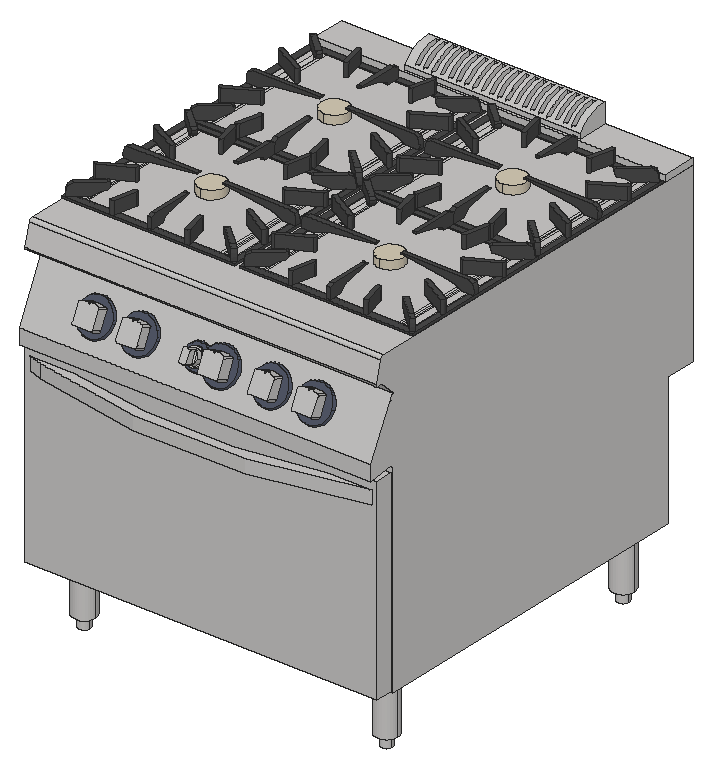
Revit family "QF_ZANUSSI_392005_Z9GCGH4SG0", category Specialty Equipment, Revit 2018
Family settings
  Round Connector Dimension = Use Diameter
  Part Type = Normal
  Work Plane-Based = No
  Always vertical = Yes
  Cut with Voids When Loaded = No
  Shared = No
  Room Calculation Point = No
Parameters
  Weight in Pounds = 155
  Weight = 0.00 kg
  Watts = 0 W
  Volts = 0 V
  URL Manufacturer = "http://www.zanussiprofessional.com"
  URL Cutsheet = "www.electrolux.com"
  URL = "http://www.zanussiprofessional.com"
  Type Mark [instance] = ""
  Steam Supply Size = 0"
  Steam Supply Minimum Pressure = 0.00 psi
  Steam Supply Maximum Pressure = 0.00 psi
  Steam Pounds per Hour = 0
  Status [instance] = ""
  Specification by User [instance] = ""
  Specification by Manufacturer = ""
  Show Logo [instance] = yes
  Show Clearance [instance] = yes
  Serial Number = ""
  Seismic Rating = ""
  SMACNA No = ""
  Revision Code [instance] = ""
  Refrigeration Suction Line Size = 0"
  Refrigeration Liquid Line Size = 0"
  Refrigerant Compressor Remote = yes
  Phase = 0
  Omniclass Number and Title = ""
  NAFEM Spec ID Number = ""
  Model = "Z9GCGH4SG0"
  Mechanical Remarks [instance] = ""
  Mechanical Connection Type [instance] = ""
  Masterspec = ""
  Manufacturer = "Zanussi"
  Length Actual = 800 mm  # constant formula
  Item Number [instance] = "392005"
  Installed By [instance] = ""
  Identify Quantity as Lot [instance] = yes
  Hot Water Size = 0"
  Height Actual = 850 mm  # constant formula
  HP = "0 HP"
  Gas Size = 1/2"
  Gas RI Height [instance] = 0 mm
  Gas KW [instance] = 36.5
  Gas Input [instance] = 1.13485 Btu/h
  Gas Connection Height = 0 mm
  Furnished By [instance] = ""
  Foodservice Equipment Identifier [instance] = yes
  Direct Waste Size = 0"
  Description = "4-BURNER GAS RANGE+OVEN 800 MM"
  Depth Actual = 900 mm  # constant formula
  Cycle = 0 Hz
  Condensate Return Size = 0"
  Compressed Air Volume = 0 GPM
  Compressed Air Size = 0"
  Compressed Air Pressure = 0.00 psi
  Cold Water Size = 0"
  CSI MasterFormat = ""
  CSI Master Format = ""
  Accessory = yes
Reference planes
  plane 1 "BACK": y = 0
  plane 2: z = 0
  plane 3 "LEFT": x = 0
  plane 4 "RIGHT": x = 800.1
  plane 5 "FRONT": y = -915
  plane 6 "TOP": z = 908
  plane 7 "Center Y": x = 400.05
  plane 8 "Center X": y = -457.5
  plane 9: z = 149.225
  plane 10: z = 1397
  plane 11: y = -80.962
  plane 12: z = 850
  plane 13: x = 56
  plane 14: y = -128
  plane 15: y = -801.687
  plane 16: y = -665.163
  plane 17: y = -1309
  plane 18: y = -576
  plane 19: x = 744.1
  plane 20: y = -900
  plane 21: x = 70.925
Forms (mm)
  Extrusion 1, solid, material "QF_Finishes_Stainless Steel"
    sketch origin (0, 0, 0) x (0, 1, 0) y (0, 0, 1)
      loop
        line (0, 849.225) -> (-879.358, 849.225)
        arc (-879.358, 849.225) -> (-884.643, 847.036) -> (-886.833, 841.751) r 7.474
        line (-886.833, 841.751) -> (-899.884, 796.236)
        arc (-899.884, 796.236) -> (-899.396, 793.604) -> (-897, 792.409) r 3
        line (-897, 792.409) -> (-886.802, 792.409) -> (-854.982, 760.589) -> (-915, 639.733) -> (-915, 604.733) -> (-858.645, 612.653)
        arc (-858.645, 612.653) -> (-856.101, 611.899) -> (-855, 609.484) r 3.2
        line (-855, 609.484) -> (-855, 149.225) -> (-71, 149.225) -> (-71, 449.225) -> (0, 449.225) -> (0, 849.225)
      loop
        line (-900, 599.225) -> (-900, 154.225) -> (-860, 154.225) -> (-860, 599.225) -> (-900, 599.225)
    from 0 to 800.1
  Revolve 2, solid, material "QF_Finishes_Stainless Steel"
    sketch origin (0, -801.687, 611.731) x (0, 0, -1) y (1, 0, 0)
      loop
        line (462.506, 56) -> (462.506, 30.6) -> (586.331, 30.6) -> (586.331, 43.3) -> (611.731, 43.3) -> (611.731, 56) -> (462.506, 56)
      axis (611.731, 56) -> (462.506, 56)
    angle from 0 to 360
  Revolve 3, solid, material "QF_Finishes_Stainless Steel"
    sketch origin (800.1, -801.687, 611.731) x (0, 0, -1) y (1, 0, 0)
      loop
        line (462.506, -55.562) -> (611.731, -55.562) -> (611.731, -42.862) -> (586.331, -42.862) -> (586.331, -30.162) -> (462.506, -30.162) -> (462.506, -55.562)
      axis (611.731, -55.562) -> (462.506, -55.562)
    angle from 0 to 360
  Revolve 4, solid, material "QF_Finishes_Stainless Steel"
    sketch origin (800.1, -128.588, 611.731) x (0, 0, -1) y (1, 0, 0)
      loop
        line (462.506, -55.562) -> (611.731, -55.562) -> (611.731, -42.862) -> (586.331, -42.862) -> (586.331, -30.162) -> (462.506, -30.162) -> (462.506, -55.562)
      axis (611.731, -55.562) -> (462.506, -55.562)
    angle from 0 to 360
  Revolve 5, solid, material "QF_Finishes_Stainless Steel"
    sketch origin (111.125, -128.588, 611.731) x (0, 0, -1) y (1, 0, 0)
      loop
        line (462.506, -55.125) -> (611.731, -55.125) -> (611.731, -42.425) -> (586.331, -42.425) -> (586.331, -29.725) -> (462.506, -29.725) -> (462.506, -55.125)
      axis (611.731, -55.125) -> (462.506, -55.125)
    angle from 0 to 360
  Extrusion 6, solid, material "QF_Finishes_Stainless Steel"
    sketch origin (0, 0, 0) x (0, 1, 0) y (0, 0, 1)
      loop
        line (0, 850) -> (0, 864.288) -> (-76.2, 864.288) -> (-76.2, 850) -> (0, 850)
    from 0 to 800.1
  Extrusion 7, void
    sketch origin (-65.011, 0, 865.138) x (-1, 0, 0) y (0, -1, 0)
      loop
        line (-295.005, 6.761) -> (-285.709, 6.761) -> (-285.709, 63.911) -> (-295.005, 63.911) -> (-295.005, 6.761)
      loop
        line (-313.697, 6.761) -> (-304.401, 6.761) -> (-304.401, 63.911) -> (-313.697, 63.911) -> (-313.697, 6.761)
      loop
        line (-332.39, 6.761) -> (-323.094, 6.761) -> (-323.094, 63.911) -> (-332.39, 63.911) -> (-332.39, 6.761)
      loop
        line (-351.082, 6.761) -> (-341.787, 6.761) -> (-341.787, 63.911) -> (-351.082, 63.911) -> (-351.082, 6.761)
      loop
        line (-369.775, 6.761) -> (-360.479, 6.761) -> (-360.479, 63.911) -> (-369.775, 63.911) -> (-369.775, 6.761)
      loop
        line (-388.468, 6.761) -> (-379.172, 6.761) -> (-379.172, 63.911) -> (-388.468, 63.911) -> (-388.468, 6.761)
      loop
        line (-407.16, 6.761) -> (-397.864, 6.761) -> (-397.864, 63.911) -> (-407.16, 63.911) -> (-407.16, 6.761)
      loop
        line (-425.853, 6.761) -> (-416.557, 6.761) -> (-416.557, 63.911) -> (-425.853, 63.911) -> (-425.853, 6.761)
      loop
        line (-444.545, 6.761) -> (-435.25, 6.761) -> (-435.25, 63.911) -> (-444.545, 63.911) -> (-444.545, 6.761)
      loop
        line (-463.238, 6.761) -> (-453.942, 6.761) -> (-453.942, 63.911) -> (-463.238, 63.911) -> (-463.238, 6.761)
      loop
        line (-481.931, 6.761) -> (-472.635, 6.761) -> (-472.635, 63.911) -> (-481.931, 63.911) -> (-481.931, 6.761)
      loop
        line (-500.623, 6.761) -> (-491.328, 6.761) -> (-491.328, 63.911) -> (-500.623, 63.911) -> (-500.623, 6.761)
      loop
        line (-519.316, 6.761) -> (-510.02, 6.761) -> (-510.02, 63.911) -> (-519.316, 63.911) -> (-519.316, 6.761)
      loop
        line (-538.008, 6.761) -> (-528.713, 6.761) -> (-528.713, 63.911) -> (-538.008, 63.911) -> (-538.008, 6.761)
      loop
        line (-556.701, 6.761) -> (-547.405, 6.761) -> (-547.405, 63.911) -> (-556.701, 63.911) -> (-556.701, 6.761)
      loop
        line (-575.394, 6.761) -> (-566.098, 6.761) -> (-566.098, 63.911) -> (-575.394, 63.911) -> (-575.394, 6.761)
      loop
        line (-594.086, 6.761) -> (-584.791, 6.761) -> (-584.791, 63.911) -> (-594.086, 63.911) -> (-594.086, 6.761)
      loop
        line (-612.779, 6.761) -> (-603.483, 6.761) -> (-603.483, 63.911) -> (-612.779, 63.911) -> (-612.779, 6.761)
      loop
        line (-631.472, 6.761) -> (-622.176, 6.761) -> (-622.176, 63.911) -> (-631.472, 63.911) -> (-631.472, 6.761)
      loop
        line (-650.164, 6.761) -> (-640.868, 6.761) -> (-640.868, 63.911) -> (-650.164, 63.911) -> (-650.164, 6.761)
    from 9.525 to 45.348
  Extrusion 8, solid, material "QF_Finishes_Stainless Steel"
    sketch origin (400.05, 175.397, 1219.2) x (0, 1, 0) y (0, 0, 1)
      loop
        line (-175.397, -354.912) -> (-175.397, -311.2)
        arc (-175.397, -311.2) -> (-214.469, -319.821) -> (-245.247, -345.387) r 84.854
        line (-245.247, -345.387) -> (-245.247, -354.912) -> (-175.397, -354.912)
    from -200.05 to 199.95
  Extrusion 9, solid, material "QF_Finishes_Stainless Steel"
    sketch origin (0, -853.025, 149.225) x (1, 0, 0) y (0, -1, 0)
      loop
        circle (749.3, -187.862) r 6.4
      loop
        circle (757.1, -277.025) r 6.4
    from 0 to 20.638
  Extrusion 10, solid, material "QF_Clearances", visible <- "Show Clearance", detail levels coarse
    sketch origin (0, 0, 0) x (1, 0, 0) y (0, 1, 0)
      loop
        line (-100.013, -915) -> (0, -915) -> (0, 0) -> (800.1, 0) -> (800.1, -915) -> (900.113, -915) -> (900.113, 100.013) -> (-100.013, 100.013) -> (-100.013, -915)
    from 0 to 908
  Blend 11, solid, material "QF_Finishes_Navy Blue"
    base sketch origin (150, -884.991, 700.161) x (1, 0, 0) y (0, 0.444781, 0.895639)
      loop
        circle (0, 0) r 42.5
    top sketch origin (150, -884.991, 700.161) x (1, 0, 0) y (0, 0.444781, 0.895639)
      loop
        circle (0, 0) r 40.5
    from 0 to 5
  Extrusion 12, solid, material "QF_Finishes_Stainless Steel"
    sketch origin (150, -884.991, 700.161) x (1, 0, 0) y (0, 0.444781, 0.895639)
      loop
        arc (-21.147, 22.789) -> (-22.494, 21.685) -> (-23, 20.019) r 2.997
        line (-23, 20.019) -> (-23, -20.019)
        arc (-23, -20.019) -> (-22.122, -22.138) -> (-20.003, -23.016) r 2.997
        line (-20.003, -23.016) -> (20.003, -23.016)
        arc (20.003, -23.016) -> (22.122, -22.138) -> (23, -20.019) r 2.997
        line (23, -20.019) -> (23, 20.019)
        arc (23, 20.019) -> (22.494, 21.685) -> (21.147, 22.789) r 2.997
        arc (21.147, 22.789) -> (0, 26.984) -> (-21.147, 22.789) r 55.4
    from 10 to 34
  Extrusion 13, solid, material "QF_Plastic-Black-Matte"
    sketch origin (207.5, -884.991, 700.799) x (0, 0.444781, 0.895639) y (0, -0.895639, 0.444781)
      loop
        line (26.535, 33.47) -> (26.535, 18.47) -> (27.535, 18.47) -> (27.535, 33.47)
        arc (27.535, 33.47) -> (27.242, 34.177) -> (26.535, 34.47) r 1
        line (26.535, 34.47) -> (23.535, 34.47) -> (23.535, 33.47) -> (26.535, 33.47)
    from -58.5 to -56.5
  Extrusion 14, solid, material "QF_Finishes_Stainless Steel"
    sketch origin (150, -884.991, 700.161) x (1, 0, 0) y (0, 0.444781, 0.895639)
      loop
        line (17.5, 17.5) -> (-17.5, 17.5) -> (-17.5, -17.5) -> (17.5, -17.5) -> (17.5, 17.5)
    from 5 to 10
  Blend 15, solid, material "QF_Finishes_Navy Blue"
    base sketch origin (250, -884.991, 700.161) x (1, 0, 0) y (0, 0.444781, 0.895639)
      loop
        circle (0, 0) r 42.5
    top sketch origin (250, -884.991, 700.161) x (1, 0, 0) y (0, 0.444781, 0.895639)
      loop
        circle (0, 0) r 40.5
    from 0 to 5
  Extrusion 16, solid, material "QF_Finishes_Stainless Steel"
    sketch origin (250, -884.991, 700.161) x (1, 0, 0) y (0, 0.444781, 0.895639)
      loop
        arc (-21.147, 22.789) -> (-22.494, 21.685) -> (-23, 20.019) r 2.997
        line (-23, 20.019) -> (-23, -20.019)
        arc (-23, -20.019) -> (-22.122, -22.138) -> (-20.003, -23.016) r 2.997
        line (-20.003, -23.016) -> (20.003, -23.016)
        arc (20.003, -23.016) -> (22.122, -22.138) -> (23, -20.019) r 2.997
        line (23, -20.019) -> (23, 20.019)
        arc (23, 20.019) -> (22.494, 21.685) -> (21.147, 22.789) r 2.997
        arc (21.147, 22.789) -> (0, 26.984) -> (-21.147, 22.789) r 55.4
    from 10 to 34
  Extrusion 17, solid, material "QF_Finishes_Stainless Steel"
    sketch origin (250, -884.991, 700.161) x (1, 0, 0) y (0, 0.444781, 0.895639)
      loop
        line (17.5, 17.5) -> (-17.5, 17.5) -> (-17.5, -17.5) -> (17.5, -17.5) -> (17.5, 17.5)
    from 5 to 10
  Extrusion 18, solid, material "QF_Plastic-Black-Matte"
    sketch origin (192.5, -884.991, 700.799) x (0, 0.444781, 0.895639) y (0, 0.895639, -0.444781)
      loop
        line (26.535, -33.47) -> (23.535, -33.47) -> (23.535, -34.47) -> (26.535, -34.47)
        arc (26.535, -34.47) -> (27.242, -34.177) -> (27.535, -33.47) r 1
        line (27.535, -33.47) -> (27.535, -18.47) -> (26.535, -18.47) -> (26.535, -33.47)
    from -58.5 to -56.5
  Blend 19, solid, material "QF_Finishes_Navy Blue"
    base sketch origin (550.1, -884.991, 700.161) x (1, 0, 0) y (0, 0.444781, 0.895639)
      loop
        circle (0, 0) r 42.5
    top sketch origin (550.1, -884.991, 700.161) x (1, 0, 0) y (0, 0.444781, 0.895639)
      loop
        circle (0, 0) r 40.5
    from 0 to 5
  Extrusion 20, solid, material "QF_Finishes_Stainless Steel"
    sketch origin (550.1, -884.991, 700.161) x (1, 0, 0) y (0, 0.444781, 0.895639)
      loop
        arc (-21.147, 22.789) -> (-22.494, 21.685) -> (-23, 20.019) r 2.997
        line (-23, 20.019) -> (-23, -20.019)
        arc (-23, -20.019) -> (-22.122, -22.138) -> (-20.003, -23.016) r 2.997
        line (-20.003, -23.016) -> (20.003, -23.016)
        arc (20.003, -23.016) -> (22.122, -22.138) -> (23, -20.019) r 2.997
        line (23, -20.019) -> (23, 20.019)
        arc (23, 20.019) -> (22.494, 21.685) -> (21.147, 22.789) r 2.997
        arc (21.147, 22.789) -> (0, 26.984) -> (-21.147, 22.789) r 55.4
    from 10 to 34
  Extrusion 21, solid, material "QF_Plastic-Black-Matte"
    sketch origin (607.6, -884.991, 700.799) x (0, 0.444781, 0.895639) y (0, -0.895639, 0.444781)
      loop
        line (26.535, 33.47) -> (26.535, 18.47) -> (27.535, 18.47) -> (27.535, 33.47)
        arc (27.535, 33.47) -> (27.242, 34.177) -> (26.535, 34.47) r 1
        line (26.535, 34.47) -> (23.535, 34.47) -> (23.535, 33.47) -> (26.535, 33.47)
    from -58.5 to -56.5
  Extrusion 22, solid, material "QF_Finishes_Stainless Steel"
    sketch origin (550.1, -884.991, 700.161) x (1, 0, 0) y (0, 0.444781, 0.895639)
      loop
        line (17.5, 17.5) -> (-17.5, 17.5) -> (-17.5, -17.5) -> (17.5, -17.5) -> (17.5, 17.5)
    from 5 to 10
  Blend 23, solid, material "QF_Finishes_Navy Blue"
    base sketch origin (650.1, -884.991, 700.161) x (1, 0, 0) y (0, 0.444781, 0.895639)
      loop
        circle (0, 0) r 42.5
    top sketch origin (650.1, -884.991, 700.161) x (1, 0, 0) y (0, 0.444781, 0.895639)
      loop
        circle (0, 0) r 40.5
    from 0 to 5
  Extrusion 24, solid, material "QF_Finishes_Stainless Steel"
    sketch origin (650.1, -884.991, 700.161) x (1, 0, 0) y (0, 0.444781, 0.895639)
      loop
        arc (-21.147, 22.789) -> (-22.494, 21.685) -> (-23, 20.019) r 2.997
        line (-23, 20.019) -> (-23, -20.019)
        arc (-23, -20.019) -> (-22.122, -22.138) -> (-20.003, -23.016) r 2.997
        line (-20.003, -23.016) -> (20.003, -23.016)
        arc (20.003, -23.016) -> (22.122, -22.138) -> (23, -20.019) r 2.997
        line (23, -20.019) -> (23, 20.019)
        arc (23, 20.019) -> (22.494, 21.685) -> (21.147, 22.789) r 2.997
        arc (21.147, 22.789) -> (0, 26.984) -> (-21.147, 22.789) r 55.4
    from 10 to 34
  Extrusion 25, solid, material "QF_Finishes_Stainless Steel"
    sketch origin (650.1, -884.991, 700.161) x (1, 0, 0) y (0, 0.444781, 0.895639)
      loop
        line (17.5, 17.5) -> (-17.5, 17.5) -> (-17.5, -17.5) -> (17.5, -17.5) -> (17.5, 17.5)
    from 5 to 10
  Extrusion 26, solid, material "QF_Plastic-Black-Matte"
    sketch origin (592.6, -884.991, 700.799) x (0, 0.444781, 0.895639) y (0, 0.895639, -0.444781)
      loop
        line (26.535, -33.47) -> (23.535, -33.47) -> (23.535, -34.47) -> (26.535, -34.47)
        arc (26.535, -34.47) -> (27.242, -34.177) -> (27.535, -33.47) r 1
        line (27.535, -33.47) -> (27.535, -18.47) -> (26.535, -18.47) -> (26.535, -33.47)
    from -58.5 to -56.5
  Blend 27, solid, material "QF_Finishes_Navy Blue"
    base sketch origin (435, -884.991, 700.161) x (1, 0, 0) y (0, 0.444781, 0.895639)
      loop
        arc (-35.05, -24.037) -> (42.5, 0) -> (-35.05, 24.037) r 42.5
        arc (-35.05, 24.037) -> (-83, 0) -> (-35.05, -24.037) r 30
    top sketch origin (435, -884.991, 700.161) x (1, 0, 0) y (0, 0.444781, 0.895639)
      loop
        arc (-34.578, -21.086) -> (40.5, 0) -> (-34.578, 21.086) r 40.5
        arc (-34.578, 21.086) -> (-81, 0) -> (-34.578, -21.086) r 28
    from 0 to 5
  Extrusion 28, solid, material "QF_Finishes_Stainless Steel"
    sketch origin (202.5, -884.991, 700.161) x (1, 0, 0) y (0, 0.444781, 0.895639)
      loop
        circle (177.499, -0.341) r 20
    from 5 to 10
  Extrusion 29, void
    sketch origin (435, -884.991, 700.161) x (1, 0, 0) y (0, -0.895639, 0.444781)
      loop
        line (-62.999, 24.837) -> (-62.999, 40) -> (-71.893, 40) -> (-71.893, 22) -> (-65.835, 22)
        arc (-65.835, 22) -> (-63.827, 22.828) -> (-62.999, 24.837) r 2.827
      loop
        arc (-47.003, 24.837) -> (-46.175, 22.828) -> (-44.167, 22) r 2.827
        line (-44.167, 22) -> (-38.109, 22) -> (-38.109, 40) -> (-47.003, 40) -> (-47.003, 24.837)
    from -20.019 to 20.019
  Extrusion 30, solid, material "QF_Finishes_Stainless Steel"
    sketch origin (202.5, -884.991, 700.161) x (1, 0, 0) y (0, 0.444781, 0.895639)
      loop
        arc (211.353, 22.789) -> (210.006, 21.685) -> (209.5, 20.019) r 2.997
        line (209.5, 20.019) -> (209.5, -20.019)
        arc (209.5, -20.019) -> (210.378, -22.138) -> (212.497, -23.016) r 2.997
        line (212.497, -23.016) -> (252.503, -23.016)
        arc (252.503, -23.016) -> (254.622, -22.138) -> (255.5, -20.019) r 2.997
        line (255.5, -20.019) -> (255.5, 20.019)
        arc (255.5, 20.019) -> (254.994, 21.685) -> (253.647, 22.789) r 2.997
        arc (253.647, 22.789) -> (232.5, 26.984) -> (211.353, 22.789) r 55.4
    from 5 to 34
  Extrusion 31, solid, material "QF_Finishes_Stainless Steel"
    sketch origin (202.5, -884.991, 700.161) x (1, 0, 0) y (0, 0.444781, 0.895639)
      loop
        circle (177.499, -0.341) r 16
    from 10 to 40
  Extrusion 32, solid, material "QF_Plastic-Black-Matte"
    sketch origin (492.5, -884.991, 700.161) x (0, 0.444781, 0.895639) y (0, -0.895639, 0.444781)
      loop
        line (27.106, 33.754) -> (27.106, 18.754) -> (28.106, 18.754) -> (28.106, 33.754)
        arc (28.106, 33.754) -> (27.813, 34.461) -> (27.106, 34.754) r 1
        line (27.106, 34.754) -> (24.106, 34.754) -> (24.106, 33.754) -> (27.106, 33.754)
    from -58.5 to -56.5
  Extrusion 33, solid, material "QF_Finishes_Door Clearance", visible <- "Show Clearance", detail levels coarse
    sketch origin (0, -200, -0.775) x (0, 1, 0) y (0, 0, 1)
      loop
        arc (-700, 600) -> (-991.621, 457.58) -> (-1108.972, 155) r 445
        line (-1108.972, 155) -> (-700, 155) -> (-700, 600)
    from 0 to 800
  Extrusion 34, solid, material "QF_Finishes_Stainless Steel"
    sketch origin (0, -200, 149.225) x (-1, 0, 0) y (0, -1, 0)
      loop
        line (-790, 700) -> (-696.395, 700)
        arc (-696.395, 700) -> (-400, 735) -> (-103.605, 700) r 1272.5
        line (-103.605, 700) -> (-10, 700)
        arc (-10, 700) -> (-27.217, 705.295) -> (-44.506, 710.35) r 1297.5
        arc (-44.506, 710.35) -> (-418.013, 759.875) -> (-790, 700) r 1297.5
    from 400 to 430
Cuts and joins
  Extrusion 7 cuts Extrusion 8
  Extrusion 29 cuts Extrusion 31
Lines and regions (mm)
  Split face 1
    outline origin (150, -889.469, 702.385) x (1, 0, 0) y (0, 0.444781, 0.895639)
      loop
        circle (-33, 0) r 3
  Split face 2
    outline origin (155.901, -889.469, 702.385) x (1, 0, 0) y (0, 0.444781, 0.895639)
      loop
        line (-8.901, 38.561) -> (-8.901, 28.561) -> (-2.901, 28.561) -> (-2.901, 38.561) -> (-8.901, 38.561)
  Split face 3
    outline origin (155.901, -889.469, 702.385) x (1, 0, 0) y (0, 0.444781, 0.895639)
      loop
        line (-8.401, 38.061) -> (-8.401, 29.061) -> (-3.401, 29.061) -> (-3.401, 38.061) -> (-8.401, 38.061)
  Split face 4
    outline origin (175.657, -875.159, 731.2) x (-1, 0, 0) y (0, -0.444781, -0.895639)
      loop
        circle (43.456, 61.543) r 1.5
  Split face 5
    outline origin (150, -889.469, 702.385) x (1, 0, 0) y (0, 0.444781, 0.895639)
      loop
        circle (-24.487, 26.694) r 3.497
  Split face 6
    outline origin (155.901, -859.615, 762.501) x (1, 0, 0) y (0, 0.444781, 0.895639)
      loop
        line (-8.401, -34.061) -> (-3.401, -34.061)
  Split face 7
    outline origin (155.901, -859.615, 762.501) x (1, 0, 0) y (0, 0.444781, 0.895639)
      loop
        line (-8.401, -33.561) -> (-3.401, -33.561)
  Split face 8
    outline origin (155.901, -859.615, 762.501) x (1, 0, 0) y (0, 0.444781, 0.895639)
      loop
        circle (-5.901, -31.311) r 2.029
  Split face 9
    outline origin (255.901, -889.469, 702.385) x (1, 0, 0) y (0, 0.444781, 0.895639)
      loop
        line (-8.901, 38.561) -> (-8.901, 28.561) -> (-2.901, 28.561) -> (-2.901, 38.561) -> (-8.901, 38.561)
  Split face 10
    outline origin (255.901, -889.469, 702.385) x (1, 0, 0) y (0, 0.444781, 0.895639)
      loop
        line (-8.401, 38.061) -> (-8.401, 29.061) -> (-3.401, 29.061) -> (-3.401, 38.061) -> (-8.401, 38.061)
  Split face 11
    outline origin (255.901, -889.469, 702.385) x (1, 0, 0) y (0, 0.444781, 0.895639)
      loop
        line (-8.401, 34.061) -> (-3.401, 34.061)
  Split face 12
    outline origin (255.901, -889.469, 702.385) x (1, 0, 0) y (0, 0.444781, 0.895639)
      loop
        line (-8.401, 33.561) -> (-3.401, 33.561)
  Split face 13
    outline origin (255.901, -889.469, 702.385) x (1, 0, 0) y (0, 0.444781, 0.895639)
      loop
        circle (-5.901, 31.311) r 2.029
  Split face 14
    outline origin (250, -889.469, 702.385) x (1, 0, 0) y (0, 0.444781, 0.895639)
      loop
        circle (-33, 0) r 3
  Split face 15
    outline origin (275.657, -875.159, 731.2) x (-1, 0, 0) y (0, -0.444781, -0.895639)
      loop
        circle (43.456, 61.543) r 1.5
  Split face 16
    outline origin (250, -889.469, 702.385) x (1, 0, 0) y (0, 0.444781, 0.895639)
      loop
        circle (-24.487, 26.694) r 3.497
  Split face 17
    outline origin (550.1, -889.469, 702.385) x (1, 0, 0) y (0, 0.444781, 0.895639)
      loop
        circle (-33, 0) r 3
  Split face 18
    outline origin (556.001, -889.469, 702.385) x (1, 0, 0) y (0, 0.444781, 0.895639)
      loop
        line (-8.901, 38.561) -> (-8.901, 28.561) -> (-2.901, 28.561) -> (-2.901, 38.561) -> (-8.901, 38.561)
  Split face 19
    outline origin (556.001, -889.469, 702.385) x (1, 0, 0) y (0, 0.444781, 0.895639)
      loop
        line (-8.401, 38.061) -> (-8.401, 29.061) -> (-3.401, 29.061) -> (-3.401, 38.061) -> (-8.401, 38.061)
  Split face 20
    outline origin (575.757, -875.159, 731.2) x (-1, 0, 0) y (0, -0.444781, -0.895639)
      loop
        circle (43.456, 61.543) r 1.5
  Split face 21
    outline origin (550.1, -889.469, 702.385) x (1, 0, 0) y (0, 0.444781, 0.895639)
      loop
        circle (-24.487, 26.694) r 3.497
  Split face 22
    outline origin (556.001, -859.615, 762.501) x (1, 0, 0) y (0, 0.444781, 0.895639)
      loop
        line (-8.401, -34.061) -> (-3.401, -34.061)
  Split face 23
    outline origin (556.001, -859.615, 762.501) x (1, 0, 0) y (0, 0.444781, 0.895639)
      loop
        line (-8.401, -33.561) -> (-3.401, -33.561)
  Split face 24
    outline origin (556.001, -859.615, 762.501) x (1, 0, 0) y (0, 0.444781, 0.895639)
      loop
        circle (-5.901, -31.311) r 2.029
  Split face 25
    outline origin (656.001, -889.469, 702.385) x (1, 0, 0) y (0, 0.444781, 0.895639)
      loop
        line (-8.901, 38.561) -> (-8.901, 28.561) -> (-2.901, 28.561) -> (-2.901, 38.561) -> (-8.901, 38.561)
  Split face 26
    outline origin (656.001, -889.469, 702.385) x (1, 0, 0) y (0, 0.444781, 0.895639)
      loop
        line (-8.401, 38.061) -> (-8.401, 29.061) -> (-3.401, 29.061) -> (-3.401, 38.061) -> (-8.401, 38.061)
  Split face 27
    outline origin (656.001, -889.469, 702.385) x (1, 0, 0) y (0, 0.444781, 0.895639)
      loop
        line (-8.401, 34.061) -> (-3.401, 34.061)
  Split face 28
    outline origin (656.001, -889.469, 702.385) x (1, 0, 0) y (0, 0.444781, 0.895639)
      loop
        line (-8.401, 33.561) -> (-3.401, 33.561)
  Split face 29
    outline origin (656.001, -889.469, 702.385) x (1, 0, 0) y (0, 0.444781, 0.895639)
      loop
        circle (-5.901, 31.311) r 2.029
  Split face 30
    outline origin (650.1, -889.469, 702.385) x (1, 0, 0) y (0, 0.444781, 0.895639)
      loop
        circle (-33, 0) r 3
  Split face 31
    outline origin (675.757, -875.159, 731.2) x (-1, 0, 0) y (0, -0.444781, -0.895639)
      loop
        circle (43.456, 61.543) r 1.5
  Split face 32
    outline origin (650.1, -889.469, 702.385) x (1, 0, 0) y (0, 0.444781, 0.895639)
      loop
        circle (-24.487, 26.694) r 3.497
  Split face 33
    outline origin (435, -889.469, 702.385) x (1, 0, 0) y (0, 0.444781, 0.895639)
      loop
        circle (0, 33) r 1
  Split face 34
    outline origin (435, -889.469, 702.385) x (1, 0, 0) y (0, 0.444781, 0.895639)
      loop
        circle (-8.541, 31.876) r 1
  Split face 35
    outline origin (435, -889.469, 702.385) x (1, 0, 0) y (0, 0.444781, 0.895639)
      loop
        circle (-16.5, 28.579) r 1
  Split face 36
    outline origin (435, -889.469, 702.385) x (1, 0, 0) y (0, 0.444781, 0.895639)
      loop
        circle (-23.335, 23.335) r 1
  Split face 37
    outline origin (435, -889.469, 702.385) x (1, 0, 0) y (0, 0.444781, 0.895639)
      loop
        circle (-28.579, 16.5) r 1
  Split face 38
    outline origin (435, -889.469, 702.385) x (1, 0, 0) y (0, 0.444781, 0.895639)
      loop
        circle (-31.876, 8.541) r 1
  Split face 39
    outline origin (435, -889.469, 702.385) x (1, 0, 0) y (0, 0.444781, 0.895639)
      loop
        circle (-33, 0) r 1
  Split face 40
    outline origin (435, -889.469, 702.385) x (-1, 0, 0) y (0, 0.444781, 0.895639)
      loop
        circle (-8.541, 31.876) r 1
  Split face 41
    outline origin (435, -889.469, 702.385) x (-1, 0, 0) y (0, 0.444781, 0.895639)
      loop
        circle (-16.5, 28.579) r 1
  Split face 42
    outline origin (435, -889.469, 702.385) x (-1, 0, 0) y (0, 0.444781, 0.895639)
      loop
        circle (-23.335, 23.335) r 1
  Split face 43
    outline origin (435, -889.469, 702.385) x (-1, 0, 0) y (0, 0.444781, 0.895639)
      loop
        circle (-28.579, 16.5) r 1
  Split face 44
    outline origin (435, -889.469, 702.385) x (-1, 0, 0) y (0, 0.444781, 0.895639)
      loop
        circle (-31.876, 8.541) r 1
  Split face 45
    outline origin (435, -889.469, 702.385) x (1, 0, 0) y (0, -0.444781, -0.895639)
      loop
        circle (0, 33) r 1
  Split face 46
    outline origin (435, -889.469, 702.385) x (1, 0, 0) y (0, -0.444781, -0.895639)
      loop
        circle (-8.541, 31.876) r 1
  Split face 47
    outline origin (435, -889.469, 702.385) x (1, 0, 0) y (0, -0.444781, -0.895639)
      loop
        circle (-16.5, 28.579) r 1
  Split face 48
    outline origin (435, -889.469, 702.385) x (1, 0, 0) y (0, -0.444781, -0.895639)
      loop
        circle (-23.335, 23.335) r 1
  Split face 49
    outline origin (435, -889.469, 702.385) x (1, 0, 0) y (0, -0.444781, -0.895639)
      loop
        circle (-28.579, 16.5) r 1
  Split face 50
    outline origin (435, -889.469, 702.385) x (1, 0, 0) y (0, -0.444781, -0.895639)
      loop
        circle (-31.876, 8.541) r 1
  Split face 51
    outline origin (435, -889.469, 702.385) x (-1, 0, 0) y (0, -0.444781, -0.895639)
      loop
        circle (-8.541, 31.876) r 1
  Split face 52
    outline origin (435, -889.469, 702.385) x (-1, 0, 0) y (0, -0.444781, -0.895639)
      loop
        circle (-16.5, 28.579) r 1
  Split face 53
    outline origin (435, -889.469, 702.385) x (-1, 0, 0) y (0, -0.444781, -0.895639)
      loop
        circle (-23.335, 23.335) r 1
  Split face 54
    outline origin (435, -889.469, 702.385) x (-1, 0, 0) y (0, -0.444781, -0.895639)
      loop
        circle (-28.579, 16.5) r 1
  Split face 55
    outline origin (435, -889.469, 702.385) x (-1, 0, 0) y (0, -0.444781, -0.895639)
      loop
        circle (-31.876, 8.541) r 1
  Split face 56
    outline origin (435, -889.469, 702.385) x (1, 0, 0) y (0, 0.444781, 0.895639)
      loop
        circle (33, 0) r 1
  Split face 57
    outline origin (435, -889.469, 702.385) x (1, 0, 0) y (0, 0.444781, 0.895639)
      loop
        circle (-55.001, 22) r 1.508
  Split face 58
    outline origin (435, -889.469, 702.385) x (1, 0, 0) y (0, 0.444781, 0.895639)
      loop
        circle (-77.001, 0) r 1.343
  Split face 59
    outline origin (435, -889.469, 702.385) x (1, 0, 0) y (0, 0.444781, 0.895639)
      loop
        line (-56.273, -20.786) -> (-56.273, -25.164) -> (-53.729, -25.164) -> (-53.729, -20.786) -> (-56.273, -20.786)
  symbolic lines, style "QF_Clearances", visible <- "Show Clearance", detail levels coarse
    curve 1: line (-100.013, -915, 0) -> (-100.013, 100.013, 0)
    curve 2: line (-100.013, 100.013, 0) -> (900.113, 100.013, 0)
    curve 3: line (900.113, 100.013, 0) -> (900.113, -914.604, 0)
  symbolic lines
    curve 4: line (0, -73.526, 0) -> (800.1, -73.526, 0)
    curve 5: line (800.1, -73.526, 0) -> (800.1, -915, 0)
    curve 6: line (0, -915, 0) -> (0, -73.526, 0)
    curve 7: line (0, -76.2, 0) -> (800.1, -76.2, 0)
    curve 11: line (200, -69.85, 0) -> (200, -73.526, 0)
    curve 12: line (200, -69.85, 0) -> (600, -69.85, 0)
    curve 13: line (600, -69.85, 0) -> (600, -73.526, 0)
    curve 14: line (585.153, -6.761, 0) -> (585.153, -63.911, 0)
    curve 15: line (585.153, -63.911, 0) -> (575.857, -63.911, 0)
    curve 16: line (575.857, -63.911, 0) -> (575.857, -6.761, 0)
    curve 17: line (575.857, -6.761, 0) -> (585.153, -6.761, 0)
    curve 18: line (566.461, -6.761, 0) -> (566.461, -63.911, 0)
    curve 19: line (566.461, -63.911, 0) -> (557.165, -63.911, 0)
    curve 20: line (557.165, -63.911, 0) -> (557.165, -6.761, 0)
    curve 21: line (557.165, -6.761, 0) -> (566.461, -6.761, 0)
    curve 22: line (547.768, -6.761, 0) -> (547.768, -63.911, 0)
    curve 23: line (547.768, -63.911, 0) -> (538.472, -63.911, 0)
    curve 24: line (538.472, -63.911, 0) -> (538.472, -6.761, 0)
    curve 25: line (538.472, -6.761, 0) -> (547.768, -6.761, 0)
    curve 26: line (529.075, -6.761, 0) -> (529.075, -63.911, 0)
    curve 27: line (529.075, -63.911, 0) -> (519.78, -63.911, 0)
    curve 28: line (519.78, -63.911, 0) -> (519.78, -6.761, 0)
    curve 29: line (519.78, -6.761, 0) -> (529.075, -6.761, 0)
    curve 30: line (510.383, -6.761, 0) -> (510.383, -63.911, 0)
    curve 31: line (510.383, -63.911, 0) -> (501.087, -63.911, 0)
    curve 32: line (501.087, -63.911, 0) -> (501.087, -6.761, 0)
    curve 33: line (501.087, -6.761, 0) -> (510.383, -6.761, 0)
    curve 34: line (491.69, -6.761, 0) -> (491.69, -63.911, 0)
    curve 35: line (491.69, -63.911, 0) -> (482.394, -63.911, 0)
    curve 36: line (482.394, -63.911, 0) -> (482.394, -6.761, 0)
    curve 37: line (482.394, -6.761, 0) -> (491.69, -6.761, 0)
    curve 38: line (472.998, -6.761, 0) -> (472.998, -63.911, 0)
    curve 39: line (472.998, -63.911, 0) -> (463.702, -63.911, 0)
    curve 40: line (463.702, -63.911, 0) -> (463.702, -6.761, 0)
    curve 41: line (463.702, -6.761, 0) -> (472.998, -6.761, 0)
    curve 42: line (454.305, -6.761, 0) -> (454.305, -63.911, 0)
    curve 43: line (454.305, -63.911, 0) -> (445.009, -63.911, 0)
    curve 44: line (445.009, -63.911, 0) -> (445.009, -6.761, 0)
    curve 45: line (445.009, -6.761, 0) -> (454.305, -6.761, 0)
    curve 46: line (435.612, -6.761, 0) -> (435.612, -63.911, 0)
    curve 47: line (435.612, -63.911, 0) -> (426.317, -63.911, 0)
    curve 48: line (426.317, -63.911, 0) -> (426.317, -6.761, 0)
    curve 49: line (426.317, -6.761, 0) -> (435.612, -6.761, 0)
    curve 50: line (416.92, -6.761, 0) -> (416.92, -63.911, 0)
    curve 51: line (416.92, -63.911, 0) -> (407.624, -63.911, 0)
    curve 52: line (407.624, -63.911, 0) -> (407.624, -6.761, 0)
    curve 53: line (407.624, -6.761, 0) -> (416.92, -6.761, 0)
    curve 54: line (398.227, -6.761, 0) -> (398.227, -63.911, 0)
    curve 55: line (398.227, -63.911, 0) -> (388.931, -63.911, 0)
    curve 56: line (388.931, -63.911, 0) -> (388.931, -6.761, 0)
    curve 57: line (388.931, -6.761, 0) -> (398.227, -6.761, 0)
    curve 58: line (379.534, -6.761, 0) -> (379.534, -63.911, 0)
    curve 59: line (379.534, -63.911, 0) -> (370.239, -63.911, 0)
    curve 60: line (370.239, -63.911, 0) -> (370.239, -6.761, 0)
    curve 61: line (370.239, -6.761, 0) -> (379.534, -6.761, 0)
    curve 62: line (360.842, -6.761, 0) -> (360.842, -63.911, 0)
    curve 63: line (360.842, -63.911, 0) -> (351.546, -63.911, 0)
    curve 64: line (351.546, -63.911, 0) -> (351.546, -6.761, 0)
    curve 65: line (351.546, -6.761, 0) -> (360.842, -6.761, 0)
    curve 66: line (342.149, -6.761, 0) -> (342.149, -63.911, 0)
    curve 67: line (342.149, -63.911, 0) -> (332.854, -63.911, 0)
    curve 68: line (332.854, -63.911, 0) -> (332.854, -6.761, 0)
    curve 69: line (332.854, -6.761, 0) -> (342.149, -6.761, 0)
    curve 70: line (323.457, -6.761, 0) -> (323.457, -63.911, 0)
    curve 71: line (323.457, -63.911, 0) -> (314.161, -63.911, 0)
    curve 72: line (314.161, -63.911, 0) -> (314.161, -6.761, 0)
    curve 73: line (314.161, -6.761, 0) -> (323.457, -6.761, 0)
    curve 74: line (304.764, -6.761, 0) -> (304.764, -63.911, 0)
    curve 75: line (304.764, -63.911, 0) -> (295.468, -63.911, 0)
    curve 76: line (295.468, -63.911, 0) -> (295.468, -6.761, 0)
    curve 77: line (295.468, -6.761, 0) -> (304.764, -6.761, 0)
    curve 78: line (286.071, -6.761, 0) -> (286.071, -63.911, 0)
    curve 79: line (286.071, -63.911, 0) -> (276.776, -63.911, 0)
    curve 80: line (276.776, -63.911, 0) -> (276.776, -6.761, 0)
    curve 81: line (276.776, -6.761, 0) -> (286.071, -6.761, 0)
    curve 82: line (267.379, -6.761, 0) -> (267.379, -63.911, 0)
    curve 83: line (267.379, -63.911, 0) -> (258.083, -63.911, 0)
    curve 84: line (258.083, -63.911, 0) -> (258.083, -6.761, 0)
    curve 85: line (258.083, -6.761, 0) -> (267.379, -6.761, 0)
    curve 86: line (248.686, -6.761, 0) -> (248.686, -63.911, 0)
    curve 87: line (248.686, -63.911, 0) -> (239.39, -63.911, 0)
    curve 88: line (239.39, -63.911, 0) -> (239.39, -6.761, 0)
    curve 89: line (239.39, -6.761, 0) -> (248.686, -6.761, 0)
    curve 90: line (229.994, -6.761, 0) -> (229.994, -63.911, 0)
    curve 91: line (229.994, -63.911, 0) -> (220.698, -63.911, 0)
    curve 92: line (220.698, -63.911, 0) -> (220.698, -6.761, 0)
    curve 93: line (220.698, -6.761, 0) -> (229.994, -6.761, 0)
    curve 94: line (127, -900, 0) -> (127, -924.347, 0)
    curve 95: arc (127, -924.347, 0) -> (127.146, -924.811, 0) -> (127.532, -925.107, 0) r 0.809
    curve 96: arc (127.532, -925.107, 0) -> (128.72, -925.587, 0) -> (129.997, -925.68, 0) r 4.127
    curve 97: arc (127, -904.292, 0) -> (121.959, -902.458, 0) -> (117.191, -900, 0) r 42.24
    curve 98: arc (127, -906.539, 0) -> (127.502, -905.818, 0) -> (128.299, -905.448, 0) r 1.682
    curve 99: arc (128.299, -905.448, 0) -> (138.602, -903.95, 0) -> (149, -903.441, 0) r 109.079
    curve 100: line (149, -900, 0) -> (149, -905.671, 0)
    curve 101: line (149, -905.671, 0) -> (151, -905.671, 0)
    curve 102: line (151, -905.671, 0) -> (151, -900, 0)
    curve 103: line (173, -900, 0) -> (173, -924.347, 0)
    curve 104: arc (173, -924.347, 0) -> (172.854, -924.811, 0) -> (172.468, -925.107, 0) r 0.809
    curve 105: arc (172.468, -925.107, 0) -> (171.28, -925.587, 0) -> (170.003, -925.68, 0) r 4.127
    curve 106: arc (173, -904.292, 0) -> (178.041, -902.458, 0) -> (182.809, -900, 0) r 42.24
    curve 107: arc (173, -906.539, 0) -> (172.498, -905.818, 0) -> (171.701, -905.448, 0) r 1.682
    curve 108: arc (171.701, -905.448, 0) -> (161.398, -903.95, 0) -> (151, -903.441, 0) r 109.079
    curve 109: line (129.997, -925.68, 0) -> (170.003, -925.68, 0)
    curve 110: line (227, -900, 0) -> (227, -924.347, 0)
    curve 111: arc (227, -924.347, 0) -> (227.146, -924.811, 0) -> (227.532, -925.107, 0) r 0.809
    curve 112: arc (227.532, -925.107, 0) -> (228.72, -925.587, 0) -> (229.997, -925.68, 0) r 4.127
    curve 113: arc (227, -904.292, 0) -> (221.959, -902.458, 0) -> (217.191, -900, 0) r 42.24
    curve 114: arc (227, -906.539, 0) -> (227.502, -905.818, 0) -> (228.299, -905.448, 0) r 1.682
    curve 115: arc (228.299, -905.448, 0) -> (238.602, -903.95, 0) -> (249, -903.441, 0) r 109.079
    curve 116: line (249, -900, 0) -> (249, -905.671, 0)
    curve 117: line (249, -905.671, 0) -> (251, -905.671, 0)
    curve 118: line (251, -905.671, 0) -> (251, -900, 0)
    curve 119: line (273, -900, 0) -> (273, -924.347, 0)
    curve 120: arc (273, -924.347, 0) -> (272.854, -924.811, 0) -> (272.468, -925.107, 0) r 0.809
    curve 121: arc (272.468, -925.107, 0) -> (271.28, -925.587, 0) -> (270.003, -925.68, 0) r 4.127
    curve 122: arc (273, -904.292, 0) -> (278.041, -902.458, 0) -> (282.809, -900, 0) r 42.24
    curve 123: arc (273, -906.539, 0) -> (272.498, -905.818, 0) -> (271.701, -905.448, 0) r 1.682
    curve 124: arc (271.701, -905.448, 0) -> (261.398, -903.95, 0) -> (251, -903.441, 0) r 109.079
    curve 125: line (229.997, -925.68, 0) -> (270.003, -925.68, 0)
    curve 126: line (412, -900, 0) -> (412, -924.347, 0)
    curve 127: arc (412, -924.347, 0) -> (412.146, -924.811, 0) -> (412.532, -925.107, 0) r 0.809
    curve 128: arc (412.532, -925.107, 0) -> (413.72, -925.587, 0) -> (414.997, -925.68, 0) r 4.127
    curve 129: arc (412, -904.292, 0) -> (406.959, -902.458, 0) -> (402.191, -900, 0) r 42.24
    curve 130: arc (412, -906.539, 0) -> (412.502, -905.818, 0) -> (413.299, -905.448, 0) r 1.682
    curve 131: arc (413.299, -905.448, 0) -> (423.602, -903.95, 0) -> (434, -903.441, 0) r 109.079
    curve 132: line (434, -900, 0) -> (434, -905.671, 0)
    curve 133: line (434, -905.671, 0) -> (436, -905.671, 0)
    curve 134: line (436, -905.671, 0) -> (436, -900, 0)
    curve 135: line (458, -900, 0) -> (458, -924.347, 0)
    curve 136: arc (458, -924.347, 0) -> (457.854, -924.811, 0) -> (457.468, -925.107, 0) r 0.809
    curve 137: arc (457.468, -925.107, 0) -> (456.28, -925.587, 0) -> (455.003, -925.68, 0) r 4.127
    curve 138: arc (458, -904.292, 0) -> (463.041, -902.458, 0) -> (467.809, -900, 0) r 42.24
    curve 139: arc (458, -906.539, 0) -> (457.498, -905.818, 0) -> (456.701, -905.448, 0) r 1.682
    curve 140: arc (456.701, -905.448, 0) -> (446.398, -903.95, 0) -> (436, -903.441, 0) r 109.079
    curve 141: line (414.997, -925.68, 0) -> (455.003, -925.68, 0)
    curve 142: line (626.997, -900, 0) -> (626.997, -924.347, 0)
    curve 143: arc (626.997, -924.347, 0) -> (627.144, -924.811, 0) -> (627.53, -925.107, 0) r 0.809
    curve 144: arc (627.53, -925.107, 0) -> (628.717, -925.587, 0) -> (629.995, -925.68, 0) r 4.127
    curve 145: arc (626.997, -904.292, 0) -> (621.956, -902.458, 0) -> (617.188, -900, 0) r 42.24
    curve 146: arc (626.997, -906.539, 0) -> (627.5, -905.818, 0) -> (628.297, -905.448, 0) r 1.682
    curve 147: arc (628.297, -905.448, 0) -> (638.599, -903.95, 0) -> (648.997, -903.441, 0) r 109.079
    curve 148: line (648.997, -900, 0) -> (648.997, -905.671, 0)
    curve 149: line (648.997, -905.671, 0) -> (650.997, -905.671, 0)
    curve 150: line (650.997, -905.671, 0) -> (650.997, -900, 0)
    curve 151: line (672.997, -900, 0) -> (672.997, -924.347, 0)
    curve 152: arc (672.997, -924.347, 0) -> (672.851, -924.811, 0) -> (672.465, -925.107, 0) r 0.809
    curve 153: arc (672.465, -925.107, 0) -> (671.278, -925.587, 0) -> (670, -925.68, 0) r 4.127
    curve 154: arc (672.997, -904.292, 0) -> (678.039, -902.458, 0) -> (682.807, -900, 0) r 42.24
    curve 155: arc (672.997, -906.539, 0) -> (672.495, -905.818, 0) -> (671.698, -905.448, 0) r 1.682
    curve 156: arc (671.698, -905.448, 0) -> (661.396, -903.95, 0) -> (650.997, -903.441, 0) r 109.079
    curve 157: line (629.995, -925.68, 0) -> (670, -925.68, 0)
    curve 158: line (372.001, -925.977, 908.9) -> (372.001, -901.224, 908.9)
    curve 159: line (387.997, -901.224, 908.9) -> (387.997, -925.977, 908.9)
    curve 160: spline (369.365, -910.164, 908.9) -> (367.876, -909.491, 908.9) -> (366.601, -908.737, 908.9) -> (365.561, -907.914, 908.9) -> (364.775, -907.037, 908.9) -> (364.258, -906.121, 908.9) -> (364.017, -905.183, 908.9) -> (364.057, -904.239, 908.9) -> (364.378, -903.306, 908.9) -> (364.974, -902.4, 908.9) -> (365.834, -901.537, 908.9) -> (366.944, -900.732, 908.9) -> (368.283, -900, 908.9)
    curve 161: spline (391.714, -900, 908.9) -> (393.057, -900.735, 908.9) -> (394.17, -901.543, 908.9) -> (395.032, -902.41, 908.9) -> (395.627, -903.319, 908.9) -> (395.946, -904.256, 908.9) -> (395.982, -905.204, 908.9) -> (395.734, -906.145, 908.9) -> (395.209, -907.063, 908.9) -> (394.413, -907.942, 908.9) -> (393.363, -908.766, 908.9) -> (392.075, -909.521, 908.9) -> (390.574, -910.193, 908.9)
    curve 162: spline (390.574, -910.193, 908.9) -> (390.294, -910.322, 908.9) -> (390.013, -910.487, 908.9) -> (389.735, -910.686, 908.9) -> (389.465, -910.917, 908.9) -> (389.206, -911.177, 908.9) -> (388.963, -911.461, 908.9) -> (388.738, -911.765, 908.9) -> (388.535, -912.085, 908.9) -> (388.357, -912.416, 908.9) -> (388.207, -912.754, 908.9) -> (388.086, -913.094, 908.9) -> (387.997, -913.43, 908.9)
    curve 163: spline (372.001, -913.341, 908.9) -> (371.929, -912.987, 908.9) -> (371.821, -912.634, 908.9) -> (371.68, -912.286, 908.9) -> (371.507, -911.949, 908.9) -> (371.306, -911.628, 908.9) -> (371.077, -911.327, 908.9) -> (370.827, -911.051, 908.9) -> (370.556, -910.803, 908.9) -> (370.271, -910.588, 908.9) -> (369.974, -910.408, 908.9) -> (369.671, -910.266, 908.9) -> (369.365, -910.164, 908.9)
    curve 164: line (363.999, -904.847, 908.9) -> (363.999, -900, 908.9)
    curve 165: line (396.001, -904.85, 908.9) -> (396.001, -900, 908.9)
    curve 166: arc (372.001, -925.977, 908.9) -> (379.999, -927.063, 908.9) -> (387.997, -925.977, 908.9) r 30
    curve 167: arc (372.001, -901.224, 0) -> (371.902, -900.567, 0) -> (371.556, -900, 0) r 1.677
    curve 168: arc (387.997, -901.224, 0) -> (388.096, -900.567, 0) -> (388.442, -900, 0) r 1.677
    curve 169: line (0, -900, 0) -> (800.1, -900, 0)
    curve 170: line (527.1, -900, 0) -> (527.1, -924.347, 0)
    curve 171: arc (527.1, -924.347, 0) -> (527.246, -924.811, 0) -> (527.632, -925.107, 0) r 0.809
    curve 172: arc (527.632, -925.107, 0) -> (528.82, -925.587, 0) -> (530.097, -925.68, 0) r 4.127
    curve 173: arc (527.1, -904.292, 0) -> (522.059, -902.458, 0) -> (517.291, -900, 0) r 42.24
    curve 174: arc (527.1, -906.539, 0) -> (527.602, -905.818, 0) -> (528.399, -905.448, 0) r 1.682
    curve 175: arc (528.399, -905.448, 0) -> (538.702, -903.95, 0) -> (549.1, -903.441, 0) r 109.079
    curve 176: line (549.1, -900, 0) -> (549.1, -905.671, 0)
    curve 177: line (549.1, -905.671, 0) -> (551.1, -905.671, 0)
    curve 178: line (551.1, -905.671, 0) -> (551.1, -900, 0)
    curve 179: line (573.1, -900, 0) -> (573.1, -924.347, 0)
    curve 180: arc (573.1, -924.347, 0) -> (572.954, -924.811, 0) -> (572.568, -925.107, 0) r 0.809
    curve 181: arc (572.568, -925.107, 0) -> (571.38, -925.587, 0) -> (570.103, -925.68, 0) r 4.127
    curve 182: arc (573.1, -904.292, 0) -> (578.141, -902.458, 0) -> (582.909, -900, 0) r 42.24
    curve 183: arc (573.1, -906.539, 0) -> (572.598, -905.818, 0) -> (571.801, -905.448, 0) r 1.682
    curve 184: arc (571.801, -905.448, 0) -> (561.498, -903.95, 0) -> (551.1, -903.441, 0) r 109.079
    curve 185: line (530.097, -925.68, 0) -> (570.103, -925.68, 0)
    curve 186: line (0, -915, 0) -> (127, -915, 0)
    curve 187: line (173, -915, 0) -> (227, -915, 0)
    curve 188: line (273, -915, 0) -> (372.001, -915, 0)
    curve 189: line (387.953, -915, 0) -> (412, -915, 0)
    curve 190: line (458, -915, 0) -> (527.1, -915, 0)
    curve 191: line (573.1, -915, 0) -> (626.997, -915, 0)
    curve 192: line (672.997, -915, 0) -> (800.1, -915, 0)
    curve 193: arc (61.252, -915, 0) -> (400, -960, 0) -> (738.748, -915, 0) r 1297.5
    curve 194: arc (227, -923.185, 0) -> (199.954, -919.177, 0) -> (173, -914.589, 0) r 1272.5
    curve 195: arc (553.73, -925.68, 0) -> (400, -935, 0) -> (246.27, -925.68, 0) r 1272.5
    curve 196: arc (626.997, -914.59, 0) -> (600.095, -919.17, 0) -> (573.1, -923.172, 0) r 1272.5
  symbolic lines, style "QF_Door-Drawer Clearances"
    curve 8: line (0, -915, 0) -> (0, -1309, 0)
    curve 9: line (0, -1309, 0) -> (800, -1309, 0)
    curve 10: line (800, -1309, 0) -> (800, -913.725, 0)
Dimensions and locks
  equal spacing: plane 3 "LEFT", plane 7 "Center Y", plane 4 "RIGHT"
  plane 3 "LEFT" to plane 4 "RIGHT" = 800.1 mm
  equal spacing: plane 5 "FRONT", plane 8 "Center X", plane 1 "BACK"
  plane 5 "FRONT" to plane 1 "BACK" = 915 mm  (x2)
  plane 6 "TOP" to plane 2 = 908 mm
  plane 9 to plane 2 = 149.225 mm  (x2)
  plane 10 to plane 6 "TOP" = 489 mm
  plane 10 to plane 2 = 1397 mm
  plane 10 to plane 9 = 1247.775 mm
  plane 6 "TOP" to plane 12 = 58 mm
  plane 12 to plane 2 = 850 mm
  plane 14 to plane 1 "BACK" = 128 mm
  plane 15 to plane 14 = 673.688 mm
  Extrusion 9 sketch curve to plane 4 "RIGHT" = 50.8 mm
  Extrusion 9 sketch curve to plane 1 "BACK" = 665.163 mm
  Extrusion 9 to plane 2 = 128.588 mm
  plane 16 to plane 1 "BACK" = 665.163 mm
  Extrusion 9 to plane 9 = 20.638 mm
  plane 17 to plane 1 "BACK" = 1309 mm
  Extrusion 9 sketch curve to plane 4 "RIGHT" = 43 mm
  Extrusion 9 sketch curve to plane 1 "BACK" = 576 mm
  plane 18 to plane 1 "BACK" = 576 mm
  plane 3 "LEFT" to plane 13 to plane 19 to plane 4 "RIGHT" = 56 mm, 688.1 mm, 56 mm
  plane 5 "FRONT" to plane 20 = 15 mm
  aligned and locked: level to plane 2
  aligned and locked: Extrusion 1 to plane 4 "RIGHT"
  aligned and locked: plane 15 to Revolve 2
  aligned and locked: Extrusion 6 to plane 4 "RIGHT"
  aligned and locked: plane 6 "TOP" to Extrusion 10
Automatic sketch dimensions
  plane 13 to Revolve 2 sketch curve = 0 mm  (x2)
  Revolve 2 sketch curve to plane 9 = 0 mm
  Revolve 2 sketch curve to level = 0 mm
  Revolve 2 sketch curve to Revolve 2 sketch curve = 32.525 mm
  Revolve 2 sketch curve to Revolve 2 sketch curve = 50.8 mm
  level to Revolve 2 sketch curve = 25.4 mm
  Revolve 2 sketch curve to Revolve 2 sketch curve = 12.7 mm  (x2)
  plane 13 to Revolve 5 sketch curve = 0 mm  (x2)
  Revolve 5 sketch curve to plane 9 = 0 mm
  Revolve 5 sketch curve to level = 0 mm
  Revolve 5 sketch curve to Revolve 5 sketch curve = 32.525 mm
  Revolve 5 sketch curve to Revolve 5 sketch curve = 50.8 mm
  level to Revolve 5 sketch curve = 25.4 mm
  Revolve 5 sketch curve to plane 13 = 12.7 mm
  Revolve 5 sketch curve to plane 13 = 25.4 mm
  Extrusion 6 sketch curve to plane 12 = 0 mm
  Extrusion 6 sketch curve to plane 1 "BACK" = 0 mm
  plane 11 to Extrusion 6 sketch curve = 4.763 mm
  plane 12 to Extrusion 6 sketch curve = 14.288 mm
  plane 11 to Extrusion 7 sketch curve = 17.052 mm  (x19)
  Extrusion 7 sketch curve to Extrusion 7 sketch curve = 9.296 mm  (x20)
  Extrusion 7 sketch curve to Extrusion 7 sketch curve = 9.397 mm  (x18)
  plane 7 "Center Y" to Extrusion 7 sketch curve = 7.574 mm
  Extrusion 7 sketch curve to plane 7 "Center Y" = 1.823 mm
  Extrusion 7 sketch curve to Extrusion 7 sketch curve = 0 mm
  plane 1 "BACK" to Extrusion 7 sketch curve = 6.761 mm  (x20)
  Extrusion 8 sketch curve to plane 1 "BACK" = 0 mm
  plane 1 "BACK" to Extrusion 8 sketch curve = 1.769 mm
  plane 11 to Extrusion 8 sketch curve = 11.113 mm
  Extrusion 8 sketch curve to plane 12 = 26.835 mm
  plane 12 to Extrusion 8 sketch curve = 14.288 mm
  Extrusion 8 sketch curve to Extrusion 8 sketch curve = 9.525 mm
  curve 166 to plane 7 "Center Y" = 20.051 mm
  curve 166 to plane 5 "FRONT" = 17.937 mm
  curve 161 to curve 166 = 0.001 mm
  curve 159 to curve 161 = 7.996 mm
  curve 162 to curve 162 = 2.259 mm
  curve 161 to curve 162 = 0.319 mm
  curve 161 to curve 159 = 3.717 mm
  curve 162 to curve 161 = 1.423 mm
  curve 165 to curve 161 = 4.288 mm
  curve 161 to curve 160 = 0.001 mm
  curve 163 to curve 163 = 0.865 mm
  curve 163 to curve 163 = 2.495 mm
  curve 163 to curve 160 = 0.141 mm
  curve 158 to curve 160 = 3.718 mm
  curve 160 to curve 161 = 4.284 mm
  curve 161 to curve 160 = 0 mm
  curve 166 to curve 161 = 2.937 mm
  curve 166 to curve 160 = 2.937 mm
  curve 161 to curve 165 = 0 mm
  curve 164 to curve 160 = 0 mm
  curve 161 to curve 159 = 1.224 mm
  curve 160 to curve 158 = 1.224 mm
  curve 164 to curve 164 = 4.847 mm
  curve 166 to curve 160 = 7.784 mm
  curve 164 to curve 161 = 0.003 mm
  curve 165 to curve 165 = 4.85 mm
  curve 161 to curve 162 = 0.047 mm
  curve 163 to curve 163 = 2.86 mm
  curve 163 to curve 158 = 10.261 mm
  Extrusion 13 sketch curve to plane 20 = 5.396 mm
  Extrusion 13 sketch curve to plane 12 = 112.791 mm
  Extrusion 13 sketch curve to Extrusion 13 sketch curve = 3 mm
  Extrusion 13 sketch curve to Extrusion 13 sketch curve = 0 mm  (x2)
  Extrusion 13 sketch curve to Extrusion 13 sketch curve = 1 mm
  Extrusion 13 sketch curve to Extrusion 13 sketch curve = 15 mm
  Extrusion 18 sketch curve to plane 20 = 5.396 mm
  Extrusion 18 sketch curve to plane 12 = 112.791 mm
  Extrusion 18 sketch curve to Extrusion 18 sketch curve = 3 mm
  Extrusion 18 sketch curve to Extrusion 18 sketch curve = 0 mm
  Extrusion 18 sketch curve to Extrusion 18 sketch curve = 1 mm  (x2)
  Extrusion 18 sketch curve to Extrusion 18 sketch curve = 15 mm
  plane 7 "Center Y" to Blend 19 sketch curve = 150.05 mm  (x2)
  Extrusion 20 sketch curve to plane 21 = 456.175 mm
  Extrusion 20 sketch curve to Extrusion 20 sketch curve = 2.997 mm  (x3)
  Extrusion 20 sketch curve to Extrusion 20 sketch curve = 20.003 mm  (x2)
  Extrusion 20 sketch curve to Extrusion 20 sketch curve = 40.005 mm
  Extrusion 20 sketch curve to Extrusion 20 sketch curve = 5.399 mm
  Extrusion 20 sketch curve to Extrusion 20 sketch curve = 40.037 mm
  Extrusion 20 sketch curve to Extrusion 20 sketch curve = 0 mm  (x2)
  Extrusion 21 sketch curve to plane 20 = 5.396 mm
  Extrusion 21 sketch curve to plane 12 = 112.791 mm
  Extrusion 21 sketch curve to Extrusion 21 sketch curve = 3 mm
  Extrusion 21 sketch curve to Extrusion 21 sketch curve = 0 mm  (x2)
  Extrusion 21 sketch curve to Extrusion 21 sketch curve = 1 mm
  Extrusion 21 sketch curve to Extrusion 21 sketch curve = 15 mm
  Extrusion 22 sketch curve to plane 21 = 461.675 mm
  Extrusion 22 sketch curve to Extrusion 22 sketch curve = 35 mm  (x2)
  Split face 18 sketch curve to Split face 18 sketch curve = 6 mm
  Split face 18 sketch curve to Split face 18 sketch curve = 10 mm
  Split face 19 sketch curve to Split face 19 sketch curve = 5 mm
  Split face 19 sketch curve to Split face 19 sketch curve = 9 mm
  Split face 22 sketch curve to Split face 22 sketch curve = 5 mm
  Split face 23 sketch curve to Split face 23 sketch curve = 5 mm
  plane 7 "Center Y" to Blend 23 sketch curve = 250.05 mm  (x2)
  plane 7 "Center Y" to Extrusion 24 sketch curve = 227.05 mm
  Extrusion 24 sketch curve to Extrusion 24 sketch curve = 2.997 mm  (x3)
  Extrusion 24 sketch curve to Extrusion 24 sketch curve = 20.003 mm  (x2)
  Extrusion 24 sketch curve to Extrusion 24 sketch curve = 40.005 mm
  Extrusion 24 sketch curve to Extrusion 24 sketch curve = 5.399 mm
  Extrusion 24 sketch curve to Extrusion 24 sketch curve = 40.037 mm
  Extrusion 24 sketch curve to Extrusion 24 sketch curve = 0 mm  (x2)
  plane 7 "Center Y" to Extrusion 25 sketch curve = 232.55 mm
  Extrusion 25 sketch curve to Extrusion 25 sketch curve = 35 mm  (x2)
  Extrusion 26 sketch curve to plane 20 = 5.396 mm
  Extrusion 26 sketch curve to plane 12 = 112.791 mm
  Extrusion 26 sketch curve to Extrusion 26 sketch curve = 3 mm
  Extrusion 26 sketch curve to Extrusion 26 sketch curve = 0 mm
  Extrusion 26 sketch curve to Extrusion 26 sketch curve = 1 mm  (x2)
  Extrusion 26 sketch curve to Extrusion 26 sketch curve = 15 mm
  Split face 25 sketch curve to Split face 25 sketch curve = 6 mm
  Split face 25 sketch curve to Split face 25 sketch curve = 10 mm
  Split face 26 sketch curve to Split face 26 sketch curve = 5 mm
  Split face 26 sketch curve to Split face 26 sketch curve = 9 mm
  Split face 27 sketch curve to Split face 27 sketch curve = 5 mm
  Split face 28 sketch curve to Split face 28 sketch curve = 5 mm
  Blend 27 sketch curve to plane 21 = 311.075 mm  (x2)
  Blend 27 sketch curve to Blend 27 sketch curve = 53 mm  (x2)
  Blend 27 sketch curve to Blend 27 sketch curve = 0 mm  (x2)
  Blend 27 sketch curve to plane 21 = 329.026 mm
  Blend 27 sketch curve to Blend 27 sketch curve = 24.037 mm
  Blend 27 sketch curve to plane 21 = 329.497 mm
  Blend 27 sketch curve to Blend 27 sketch curve = 21.086 mm
  Extrusion 28 sketch curve to plane 21 = 309.074 mm
  Extrusion 29 sketch curve to plane 13 = 307.107 mm
  Extrusion 29 sketch curve to plane 13 = 313.165 mm
  Extrusion 29 sketch curve to Extrusion 29 sketch curve = 0.01 mm  (x2)
  Extrusion 29 sketch curve to plane 13 = 316.001 mm
  Extrusion 29 sketch curve to plane 21 = 317.072 mm
  Extrusion 29 sketch curve to Extrusion 29 sketch curve = 2.827 mm  (x3)
  Extrusion 29 sketch curve to Extrusion 29 sketch curve = 8.895 mm
  Extrusion 29 sketch curve to Extrusion 29 sketch curve = 0 mm
  Extrusion 29 sketch curve to Extrusion 29 sketch curve = 15.163 mm
  Extrusion 29 sketch curve to Extrusion 29 sketch curve = 15.173 mm
  Extrusion 30 sketch curve to plane 21 = 341.075 mm
  Extrusion 30 sketch curve to Extrusion 30 sketch curve = 2.997 mm  (x3)
  Extrusion 30 sketch curve to Extrusion 30 sketch curve = 20.003 mm  (x2)
  Extrusion 30 sketch curve to Extrusion 30 sketch curve = 40.005 mm
  Extrusion 30 sketch curve to Extrusion 30 sketch curve = 5.399 mm
  Extrusion 30 sketch curve to Extrusion 30 sketch curve = 40.037 mm
  Extrusion 30 sketch curve to Extrusion 30 sketch curve = 0 mm  (x2)
  Split face 59 sketch curve to Split face 59 sketch curve = 2.545 mm
  Split face 59 sketch curve to Split face 59 sketch curve = 4.379 mm
  Extrusion 31 sketch curve to plane 21 = 309.074 mm
  Extrusion 32 sketch curve to plane 20 = 5.396 mm
  Extrusion 32 sketch curve to plane 12 = 112.791 mm
  Extrusion 32 sketch curve to Extrusion 32 sketch curve = 3 mm
  Extrusion 32 sketch curve to Extrusion 32 sketch curve = 0 mm  (x2)
  Extrusion 32 sketch curve to Extrusion 32 sketch curve = 1 mm
  Extrusion 32 sketch curve to Extrusion 32 sketch curve = 15 mm
  Revolve 3 sketch curve to plane 9 = 0 mm
  Revolve 3 sketch curve to level = 0 mm
  level to Revolve 3 sketch curve = 25.4 mm
  plane 19 to Revolve 3 sketch curve = 0.437 mm  (x2)
  Revolve 3 sketch curve to Revolve 3 sketch curve = 12.7 mm
  Revolve 3 sketch curve to Revolve 3 sketch curve = 25.4 mm
  Revolve 3 sketch curve to Revolve 3 sketch curve = 32.525 mm
  Revolve 3 sketch curve to Revolve 3 sketch curve = 50.8 mm
  Revolve 4 sketch curve to plane 9 = 0 mm
  Revolve 4 sketch curve to level = 0 mm
  level to Revolve 4 sketch curve = 25.4 mm
  plane 19 to Revolve 4 sketch curve = 0.437 mm  (x2)
  Revolve 4 sketch curve to Revolve 4 sketch curve = 12.7 mm
  Revolve 4 sketch curve to Revolve 4 sketch curve = 25.4 mm
  Revolve 4 sketch curve to Revolve 4 sketch curve = 32.525 mm
  Revolve 4 sketch curve to Revolve 4 sketch curve = 50.8 mm
